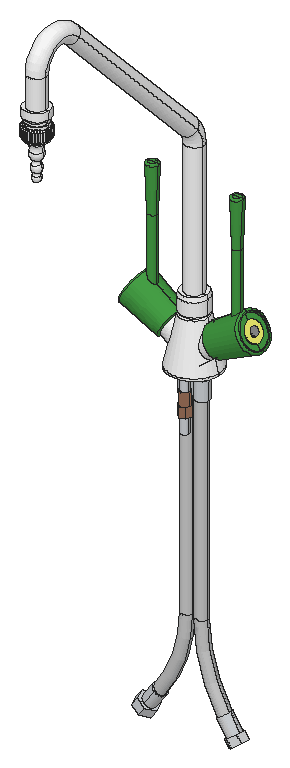
Revit family "900116MIX-WWA", category Plumbing Fixtures, Revit 2015
Parameters (values of type "900116MIX-WWA")
  Width = "150mm"
  URL = "www.sales@arboles.co.uk"
  Standout = "200mm"
  Spare Lever = "190002"
  Spare Hot Water Headwork = "950139"
  Spare Cold water Headwork = "950149"
  Shank = "2 x flexible hoses, 350mm long, 3/8\" BSP female connection"
  Pressure = "100PSI"
  Overall height = "325mm"
  Mounting hole size = "30mm"
  Model = "900116MIX-WWA"
  Material = "Brass with Rilsan plastic coated"
  Manufacturer = "Arboles UK Ltd Tel: 01204 388814, Email: sales@arboles.co.uk"
  Description = "Bench mounted, removable nozz balanced flow mixer tap, swivel swanneck"
  Depth = "226mm"
  Default Elevation = 1219.2 mm
  Colour = "White RAL 9016"
  Base to nozzle = "200mm"
  Base Dia = "50mm"
Reference planes
  plane 1 "Center (Front/Back)": y = 0
  plane 2: z = 0
  plane 3 "Center (Left/Right)": x = 0
Forms (mm)
  Extrusion 1, solid
    sketch origin (31.025, 0, -306) x (0, -1, 0) y (-0.840817, 0, -0.541319)
      loop
        circle (0, 0) r 6.974
    from 0 to 18
  Extrusion 2, solid
    sketch origin (40.769, 0, -321.135) x (0, -1, 0) y (-0.840817, 0, -0.541319)
      loop
        line (3.769, 8.465) -> (-5.446, 7.496) -> (-9.215, -0.969) -> (-3.769, -8.465) -> (5.446, -7.496) -> (9.215, 0.969) -> (3.769, 8.465)
    from 0 to 8
  Extrusion 3, void
    sketch origin (45.099, 0, -327.861) x (0, 1, 0) y (-0.840817, 0, -0.541319)
      loop
        circle (0, 0) r 7.032
    from 0 to 8
  Extrusion 4, solid
    sketch origin (-34.491, 0, -306) x (0, -1, 0) y (-0.795599, 0, 0.605823)
      loop
        circle (0, 0) r 7
    from 0 to 18
  Extrusion 5, solid
    sketch origin (-45.396, 0, -320.321) x (0, -1, 0) y (-0.795599, 0, 0.605823)
      loop
        line (-9.663, 3.709) -> (-8.044, -6.514) -> (1.619, -10.223) -> (9.663, -3.709) -> (8.044, 6.514) -> (-1.619, 10.223) -> (-9.663, 3.709)
    from 0 to 10
  Extrusion 6, void
    sketch origin (-51.455, 0, -328.277) x (0, 1, 0) y (-0.795599, 0, 0.605823)
      loop
        circle (0, 0) r 7.977
    from 0 to 8
Cuts and joins
  Extrusion 3 cuts Extrusion 2
  Extrusion 6 cuts Extrusion 5
Dimensions and locks
  aligned and locked: level to plane 2
Nested families
  nested 1: "116 BODY FRONT" at (0, 0, 0), type "116 BODY FRONT"
  nested 2: "116 SNK LEFT" at (0, 0, 69), type "116 SNK LEFT"
  nested 3: "116 TUBES" at (0, 0, -306), type "116 TUBES"
  nested 4: "116 ADAPTOR TOP" at (-7.611, 0, -26), type "116 ADAPTOR TOP"
  nested 5: "116 ADAPTOR TOP" at (8.107, 0, -26), type "116 ADAPTOR TOP"
  nested 6: "116 MOUNTING SHANK" at (0, -11.851, -55.074), type "116 MOUNTING SHANK"
  nested 7: "116 MONTING NUT" at (0, -11.851, -39.708), type "116 MONTING NUT"
  nested 8: "116 NOZZ ADPT" at (0, -200, 310.517), type "116 NOZZ ADPT"
  nested 9: "Rem nut front" at (0, -200, 294.965), type "Rem nut front"
  nested 10: "fixed nozzle front" at (0, -200, 255.693), type "fixed nozzle front"
  nested 11: "Lever front CW" at (22.554, 0.838, 1.275), type "Lever front CW"
  nested 12: "Lever front HW" at (-22.497, 0, 12.196), type "Lever front HW"
Definition of nested family "116 BODY FRONT"
  Reference planes
    plane 1 "Center (Front/Back)": y = 0
    plane 2: z = 0
    plane 3 "Center (Left/Right)": x = 0
  Forms (mm)
    Revolve 1, solid
      sketch origin (0, 0, 0) x (1, 0, 0) y (0, 0, 1)
        loop
          line (0, 0) -> (25, 0) -> (25, 1.954) -> (13.896, 48.345) -> (13.077, 50.102) -> (13.077, 51.767) -> (14, 51.767) -> (14, 65.096) -> (13.066, 69) -> (0, 69) -> (0, 0)
        axis (0, 69) -> (0, 0)
      angle from 0 to 360
    Revolve 2, solid
      sketch origin (0, 0, 0) x (1, 0, 0) y (0, 0, 1)
        loop
          line (0.019, 13.021) -> (30.642, 38.717) -> (21.969, 49.053) -> (-7.757, 22.288) -> (0.019, 13.021)
        axis (0.019, 13.021) -> (30.642, 38.717)
      angle from 0 to 360
    Revolve 3, solid
      sketch origin (12.845, 0, 15.264) x (-0.173648, 0, 0.984808) y (-0.984808, 0, -0.173648)
        loop
          line (0.019, 13.021) -> (30.642, 38.717) -> (21.969, 49.053) -> (-7.757, 22.288) -> (0.019, 13.021)
        axis (0.019, 13.021) -> (30.642, 38.717)
      angle from 0 to 360
  Dimensions and locks
    aligned and locked: level to plane 2
Definition of nested family "116 SNK LEFT"
  Reference planes
    plane 1 "Center (Front/Back)": y = 0
    plane 2: z = 0
    plane 3 "Center (Left/Right)": x = 0
  Forms (mm)
    Sweep 1, solid
      path origin (0, 0, 0) x (0, 1, 0) y (0, 0, 1)
        loop
          line (0, 0) -> (0, 134.645)
          arc (0, 134.645) -> (-1.903, 144.212) -> (-7.322, 152.322) r 25
          line (-7.322, 152.322) -> (-157.322, 302.322)
          arc (-157.322, 302.322) -> (-184.567, 307.742) -> (-200, 284.645) r 25
          line (-200, 284.645) -> (-200, 255.017)
      profile origin (0, 0, 67.322) x (0, -1, 0) y (1, 0, 0)
        loop
          circle (0, 0) r 9
  Dimensions and locks
    aligned and locked: level to plane 2
Definition of nested family "116 TUBES"
  Reference planes
    plane 1 "Center (Front/Back)": y = 0
    plane 2: z = 0
    plane 3 "Center (Left/Right)": x = 0
  Forms (mm)
    Sweep 1, solid
      path origin (0, 0, 0) x (1, 0, 0) y (0, 0, 1)
        loop
          line (7.5, 280) -> (7.5, 80)
          arc (7.5, 80) -> (13.503, 38.306) -> (31.025, 0) r 147.787
      profile origin (7.5, 0, 180) x (0, -1, 0) y (1, 0, 0)
        loop
          circle (0, 0) r 6.005
    Sweep 2, solid
      path origin (0, 0, 0) x (1, 0, 0) y (0, 0, 1)
        loop
          line (-7.5, 280) -> (-7.5, 80)
          arc (-7.5, 80) -> (-14.43, 37.785) -> (-34.491, 0) r 132.052
      profile origin (-7.5, 0, 180) x (0, -1, 0) y (1, 0, 0)
        loop
          circle (0, 0) r 5.954
  Dimensions and locks
    aligned and locked: level to plane 2
Definition of nested family "116 ADAPTOR TOP"
  Reference planes
    plane 1 "Center (Front/Back)": y = 0
    plane 2: z = 0
    plane 3 "Center (Left/Right)": x = 0
  Forms (mm)
    Extrusion 1, solid
      sketch origin (0, 0, 0) x (1, 0, 0) y (0, 1, 0)
        loop
          circle (0, 0) r 6.959
      from 0 to 18
    Extrusion 2, solid
      sketch origin (0, 0, 18) x (1, 0, 0) y (0, 1, 0)
        loop
          line (4.379, -5.408) -> (6.873, 1.089) -> (2.494, 6.497) -> (-4.379, 5.408) -> (-6.873, -1.089) -> (-2.494, -6.497) -> (4.379, -5.408)
      from 0 to 8
  Dimensions and locks
    aligned and locked: level to plane 2
Definition of nested family "116 MOUNTING SHANK"
  Reference planes
    plane 1 "Center (Front/Back)": y = 0
    plane 2: z = 0
    plane 3 "Center (Left/Right)": x = 0
  Forms (mm)
    Extrusion 1, solid
      sketch origin (0, 0, 0) x (1, 0, 0) y (0, 1, 0)
        loop
          circle (0, 0) r 4
      from 0 to 55
  Dimensions and locks
    aligned and locked: level to plane 2
Definition of nested family "116 MONTING NUT"
  Reference planes
    plane 1 "Center (Front/Back)": y = 0
    plane 2: z = 0
    plane 3 "Center (Left/Right)": x = 0
  Forms (mm)
    Extrusion 1, solid
      sketch origin (0, 0, 0) x (1, 0, 0) y (0, 1, 0)
        loop
          line (4.243, -4.243) -> (5.796, 1.553) -> (1.553, 5.796) -> (-4.243, 4.243) -> (-5.796, -1.553) -> (-1.553, -5.796) -> (4.243, -4.243)
      from 0 to 10
    Revolve 2, solid
      sketch origin (0, 0, 0) x (1, 0, 0) y (0, 0, 1)
        loop
          line (0, 10) -> (5.019, 10) -> (5.019, 23) -> (0, 23) -> (0, 10)
        axis (0, 23) -> (0, 10)
      angle from 0 to 360
    Extrusion 3, void
      sketch origin (0, 0, 0) x (1, 0, 0) y (0, 1, 0)
        loop
          circle (0, 0) r 3.996
      from 0 to 30
  Cuts and joins
    Extrusion 3 cuts Extrusion 1
  Dimensions and locks
    aligned and locked: level to plane 2
Definition of nested family "116 NOZZ ADPT"
  Reference planes
    plane 1 "Center (Front/Back)": y = 0
    plane 2: z = 0
    plane 3 "Center (Left/Right)": x = 0
  Forms (mm)
    Revolve 1, solid
      sketch origin (0, 0, 0) x (1, 0, 0) y (0, 0, 1)
        loop
          line (0, 0) -> (9, 0) -> (9, 1) -> (10.5, 1) -> (10.5, 3.5) -> (12.5, 5.5) -> (12.5, 13.5) -> (0, 13.5) -> (0, 0)
        axis (0, 13.5) -> (0, 0)
      angle from 0 to 360
  Dimensions and locks
    aligned and locked: level to plane 2
Definition of nested family "Rem nut front"
  Reference planes
    plane 1 "Center (Front/Back)": y = 0
    plane 2: z = 0
    plane 3 "Center (Left/Right)": x = 0
  Forms (mm)
    Revolve 1, solid
      sketch origin (0, 0, 0) x (1, 0, 0) y (0, 0, 1)
        loop
          line (0, 0) -> (11.234, 0) -> (11.234, 1.181) -> (13.384, 3.331) -> (13.384, 11.376) -> (11.234, 13.525) -> (11.234, 15.552) -> (0, 15.552) -> (0, 0)
        axis (0, 15.552) -> (0, 0)
      angle from 0 to 360
    Extrusion 2, void
      sketch origin (0, 0, 0) x (1, 0, 0) y (0, 1, 0)
        loop
          line (0, 11.234) -> (1.394, 14.989) -> (0, 14.989) -> (-1.367, 14.989) -> (0, 11.234)
      from 0 to 15
    Extrusion 3, void
      sketch origin (0, 0, 0) x (0, -1, 0) y (1, 0, 0)
        loop
          line (0, 11.234) -> (1.394, 14.989) -> (0, 14.989) -> (-1.367, 14.989) -> (0, 11.234)
      from 0 to 15
    Extrusion 4, void
      sketch origin (0, 0, 0) x (0.984808, -0.173648, 0) y (0.173648, 0.984808, 0)
        loop
          line (0, 11.234) -> (1.394, 14.989) -> (0, 14.989) -> (-1.367, 14.989) -> (0, 11.234)
      from 0 to 15
    Extrusion 5, void
      sketch origin (0, 0, 0) x (0.939693, -0.34202, 0) y (0.34202, 0.939693, 0)
        loop
          line (0, 11.234) -> (1.394, 14.989) -> (0, 14.989) -> (-1.367, 14.989) -> (0, 11.234)
      from 0 to 15
    Extrusion 6, void
      sketch origin (0, 0, 0) x (0.866025, -0.5, 0) y (0.5, 0.866025, 0)
        loop
          line (0, 11.234) -> (1.394, 14.989) -> (0, 14.989) -> (-1.367, 14.989) -> (0, 11.234)
      from 0 to 15
    Extrusion 7, void
      sketch origin (0, 0, 0) x (0.766044, -0.642788, 0) y (0.642788, 0.766044, 0)
        loop
          line (0, 11.234) -> (1.394, 14.989) -> (0, 14.989) -> (-1.367, 14.989) -> (0, 11.234)
      from 0 to 15
    Extrusion 8, void
      sketch origin (0, 0, 0) x (0.642788, -0.766044, 0) y (0.766044, 0.642788, 0)
        loop
          line (0, 11.234) -> (1.394, 14.989) -> (0, 14.989) -> (-1.367, 14.989) -> (0, 11.234)
      from 0 to 15
    Extrusion 9, void
      sketch origin (0, 0, 0) x (0.5, -0.866025, 0) y (0.866025, 0.5, 0)
        loop
          line (0, 11.234) -> (1.394, 14.989) -> (0, 14.989) -> (-1.367, 14.989) -> (0, 11.234)
      from 0 to 15
    Extrusion 10, void
      sketch origin (0, 0, 0) x (0.34202, -0.939693, 0) y (0.939693, 0.34202, 0)
        loop
          line (0, 11.234) -> (1.394, 14.989) -> (0, 14.989) -> (-1.367, 14.989) -> (0, 11.234)
      from 0 to 15
    Extrusion 11, void
      sketch origin (0, 0, 0) x (0.173648, -0.984808, 0) y (0.984808, 0.173648, 0)
        loop
          line (0, 11.234) -> (1.394, 14.989) -> (0, 14.989) -> (-1.367, 14.989) -> (0, 11.234)
      from 0 to 15
    Extrusion 12, void
      sketch origin (0, 0, 0) x (-1, 0, 0) y (0, -1, 0)
        loop
          line (0, 11.234) -> (1.394, 14.989) -> (0, 14.989) -> (-1.367, 14.989) -> (0, 11.234)
      from 0 to 15
    Extrusion 13, void
      sketch origin (0, 0, 0) x (-0.173648, -0.984808, 0) y (0.984808, -0.173648, 0)
        loop
          line (0, 11.234) -> (1.394, 14.989) -> (0, 14.989) -> (-1.367, 14.989) -> (0, 11.234)
      from 0 to 15
    Extrusion 14, void
      sketch origin (0, 0, 0) x (-0.34202, -0.939693, 0) y (0.939693, -0.34202, 0)
        loop
          line (0, 11.234) -> (1.394, 14.989) -> (0, 14.989) -> (-1.367, 14.989) -> (0, 11.234)
      from 0 to 15
    Extrusion 15, void
      sketch origin (0, 0, 0) x (-0.5, -0.866025, 0) y (0.866025, -0.5, 0)
        loop
          line (0, 11.234) -> (1.394, 14.989) -> (0, 14.989) -> (-1.367, 14.989) -> (0, 11.234)
      from 0 to 15
    Extrusion 16, void
      sketch origin (0, 0, 0) x (-0.642788, -0.766044, 0) y (0.766044, -0.642788, 0)
        loop
          line (0, 11.234) -> (1.394, 14.989) -> (0, 14.989) -> (-1.367, 14.989) -> (0, 11.234)
      from 0 to 15
    Extrusion 17, void
      sketch origin (0, 0, 0) x (-0.766044, -0.642788, 0) y (0.642788, -0.766044, 0)
        loop
          line (0, 11.234) -> (1.394, 14.989) -> (0, 14.989) -> (-1.367, 14.989) -> (0, 11.234)
      from 0 to 15
    Extrusion 18, void
      sketch origin (0, 0, 0) x (-0.866025, -0.5, 0) y (0.5, -0.866025, 0)
        loop
          line (0, 11.234) -> (1.394, 14.989) -> (0, 14.989) -> (-1.367, 14.989) -> (0, 11.234)
      from 0 to 15
    Extrusion 19, void
      sketch origin (0, 0, 0) x (-0.939693, -0.34202, 0) y (0.34202, -0.939693, 0)
        loop
          line (0, 11.234) -> (1.394, 14.989) -> (0, 14.989) -> (-1.367, 14.989) -> (0, 11.234)
      from 0 to 15
    Extrusion 20, void
      sketch origin (0, 0, 0) x (-0.984808, -0.173648, 0) y (0.173648, -0.984808, 0)
        loop
          line (0, 11.234) -> (1.394, 14.989) -> (0, 14.989) -> (-1.367, 14.989) -> (0, 11.234)
      from 0 to 15
    Extrusion 21, void
      sketch origin (0, 0, 0) x (0, 1, 0) y (-1, 0, 0)
        loop
          line (0, 11.234) -> (1.394, 14.989) -> (0, 14.989) -> (-1.367, 14.989) -> (0, 11.234)
      from 0 to 15
    Extrusion 22, void
      sketch origin (0, 0, 0) x (-0.984808, 0.173648, 0) y (-0.173648, -0.984808, 0)
        loop
          line (0, 11.234) -> (1.394, 14.989) -> (0, 14.989) -> (-1.367, 14.989) -> (0, 11.234)
      from 0 to 15
    Extrusion 23, void
      sketch origin (0, 0, 0) x (-0.939693, 0.34202, 0) y (-0.34202, -0.939693, 0)
        loop
          line (0, 11.234) -> (1.394, 14.989) -> (0, 14.989) -> (-1.367, 14.989) -> (0, 11.234)
      from 0 to 15
    Extrusion 24, void
      sketch origin (0, 0, 0) x (-0.866025, 0.5, 0) y (-0.5, -0.866025, 0)
        loop
          line (0, 11.234) -> (1.394, 14.989) -> (0, 14.989) -> (-1.367, 14.989) -> (0, 11.234)
      from 0 to 15
    Extrusion 25, void
      sketch origin (0, 0, 0) x (-0.766044, 0.642788, 0) y (-0.642788, -0.766044, 0)
        loop
          line (0, 11.234) -> (1.394, 14.989) -> (0, 14.989) -> (-1.367, 14.989) -> (0, 11.234)
      from 0 to 15
    Extrusion 26, void
      sketch origin (0, 0, 0) x (-0.642788, 0.766044, 0) y (-0.766044, -0.642788, 0)
        loop
          line (0, 11.234) -> (1.394, 14.989) -> (0, 14.989) -> (-1.367, 14.989) -> (0, 11.234)
      from 0 to 15
    Extrusion 27, void
      sketch origin (0, 0, 0) x (-0.5, 0.866025, 0) y (-0.866025, -0.5, 0)
        loop
          line (0, 11.234) -> (1.394, 14.989) -> (0, 14.989) -> (-1.367, 14.989) -> (0, 11.234)
      from 0 to 15
    Extrusion 28, void
      sketch origin (0, 0, 0) x (-0.34202, 0.939693, 0) y (-0.939693, -0.34202, 0)
        loop
          line (0, 11.234) -> (1.394, 14.989) -> (0, 14.989) -> (-1.367, 14.989) -> (0, 11.234)
      from 0 to 15
    Extrusion 29, void
      sketch origin (0, 0, 0) x (-0.173648, 0.984808, 0) y (-0.984808, -0.173648, 0)
        loop
          line (0, 11.234) -> (1.394, 14.989) -> (0, 14.989) -> (-1.367, 14.989) -> (0, 11.234)
      from 0 to 15
    Extrusion 30, void
      sketch origin (0, 0, 0) x (1, 0, 0) y (0, 1, 0)
        loop
          line (0, 11.234) -> (1.394, 14.989) -> (0, 14.989) -> (-1.367, 14.989) -> (0, 11.234)
      from 0 to 15
    Extrusion 31, void
      sketch origin (0, 0, 0) x (0.173648, 0.984808, 0) y (-0.984808, 0.173648, 0)
        loop
          line (0, 11.234) -> (1.394, 14.989) -> (0, 14.989) -> (-1.367, 14.989) -> (0, 11.234)
      from 0 to 15
    Extrusion 32, void
      sketch origin (0, 0, 0) x (0.34202, 0.939693, 0) y (-0.939693, 0.34202, 0)
        loop
          line (0, 11.234) -> (1.394, 14.989) -> (0, 14.989) -> (-1.367, 14.989) -> (0, 11.234)
      from 0 to 15
    Extrusion 33, void
      sketch origin (0, 0, 0) x (0.5, 0.866025, 0) y (-0.866025, 0.5, 0)
        loop
          line (0, 11.234) -> (1.394, 14.989) -> (0, 14.989) -> (-1.367, 14.989) -> (0, 11.234)
      from 0 to 15
    Extrusion 34, void
      sketch origin (0, 0, 0) x (0.642788, 0.766044, 0) y (-0.766044, 0.642788, 0)
        loop
          line (0, 11.234) -> (1.394, 14.989) -> (0, 14.989) -> (-1.367, 14.989) -> (0, 11.234)
      from 0 to 15
    Extrusion 35, void
      sketch origin (0, 0, 0) x (0.766044, 0.642788, 0) y (-0.642788, 0.766044, 0)
        loop
          line (0, 11.234) -> (1.394, 14.989) -> (0, 14.989) -> (-1.367, 14.989) -> (0, 11.234)
      from 0 to 15
    Extrusion 36, void
      sketch origin (0, 0, 0) x (0.866025, 0.5, 0) y (-0.5, 0.866025, 0)
        loop
          line (0, 11.234) -> (1.394, 14.989) -> (0, 14.989) -> (-1.367, 14.989) -> (0, 11.234)
      from 0 to 15
    Extrusion 37, void
      sketch origin (0, 0, 0) x (0.939693, 0.34202, 0) y (-0.34202, 0.939693, 0)
        loop
          line (0, 11.234) -> (1.394, 14.989) -> (0, 14.989) -> (-1.367, 14.989) -> (0, 11.234)
      from 0 to 15
    Extrusion 38, void
      sketch origin (0, 0, 0) x (0.984808, 0.173648, 0) y (-0.173648, 0.984808, 0)
        loop
          line (0, 11.234) -> (1.394, 14.989) -> (0, 14.989) -> (-1.367, 14.989) -> (0, 11.234)
      from 0 to 15
  Cuts and joins
    Extrusion 2, Extrusion 3, Extrusion 4, Extrusion 5, Extrusion 6, Extrusion 7, Extrusion 8, Extrusion 9, Extrusion 10, Extrusion 11, Extrusion 12, Extrusion 13, Extrusion 14, Extrusion 15, Extrusion 16, Extrusion 17, Extrusion 18, Extrusion 19, Extrusion 20, Extrusion 21, Extrusion 22, Extrusion 23, Extrusion 24, Extrusion 25, Extrusion 26, Extrusion 27, Extrusion 28, Extrusion 29, Extrusion 30, Extrusion 31, Extrusion 32, Extrusion 33, Extrusion 34, Extrusion 35, Extrusion 36, Extrusion 37, Extrusion 38 cuts Revolve 1
  Dimensions and locks
    aligned and locked: level to plane 2
Definition of nested family "fixed nozzle front"
  Reference planes
    plane 1 "Center (Front/Back)": y = 0
    plane 2: z = 0
    plane 3 "Center (Left/Right)": x = 0
  Forms (mm)
    Revolve 1, solid
      sketch origin (0, 0, 0) x (1, 0, 0) y (0, 0, 1)
        loop
          arc (4.525, 21.334) -> (6.372, 24.716) -> (5.979, 28.55) r 6.5
          arc (5.979, 28.55) -> (5.825, 32.462) -> (7.5, 36) r 8.212
          line (7.5, 36) -> (7.5, 39.271) -> (0, 39.271) -> (0, 0) -> (1.514, 0)
          arc (1.514, 0) -> (3.732, 2.609) -> (3.472, 6.023) r 4.5
          arc (3.472, 6.023) -> (3.121, 7.886) -> (3.815, 9.651) r 3.427
          arc (3.815, 9.651) -> (4.95, 12.846) -> (3.995, 16.1) r 5.5
          arc (3.995, 16.1) -> (3.305, 18.814) -> (4.525, 21.334) r 4.084
        axis (0, 39.271) -> (0, 0)
      angle from 0 to 360
  Dimensions and locks
    aligned and locked: level to plane 2
Definition of nested family "Lever front CW"
  Reference planes
    plane 1 "Center (Front/Back)": y = 0
    plane 2: z = 0
    plane 3 "Center (Left/Right)": x = 0
  Forms (mm)
    Revolve 1, solid
      sketch origin (20.151, 0, 12.287) x (1, 0, 0) y (0, 0, 1)
        loop
          line (0, 45.157) -> (4.36, 45.157) -> (4.36, 108.735) -> (5.938, 153.927)
          arc (5.938, 153.927) -> (5.5, 155.068) -> (4.376, 155.545) r 1.563
          line (4.376, 155.545) -> (0, 155.545) -> (0, 45.157)
        axis (0, 45.157) -> (0, 155.545)
      angle from 0 to 360
    Revolve 2, solid
      sketch origin (0, 0, 0) x (1, 0, 0) y (0, 0, 1)
        loop
          line (0, 30) -> (7.759, 16.002) -> (45.182, 33.453)
          arc (45.182, 33.453) -> (46.136, 34.531) -> (45.998, 35.964) r 1.806
          line (45.998, 35.964) -> (45.562, 36.751) -> (44, 35.886) -> (36.154, 50.041) -> (0, 30)
        axis (0, 30) -> (37.716, 50.906)
      angle from 0 to 360
    Extrusion 3, solid
      sketch origin (36.154, 0, 50.041) x (0.48481, 0, -0.87462) y (0, 1, 0)
        loop
          circle (0, 0) r 10
      from 0 to 1
    Extrusion 4, solid
      sketch origin (36.154, 0, 50.041) x (0.48481, 0, -0.87462) y (0, 1, 0)
        loop
          circle (0, 0) r 4.244
      from 0 to 2
  Dimensions and locks
    aligned and locked: level to plane 2
Definition of nested family "Lever front HW"
  Reference planes
    plane 1 "Center (Front/Back)": y = 0
    plane 2: z = 0
    plane 3 "Center (Left/Right)": x = 0
  Forms (mm)
    Revolve 1, solid
      sketch origin (-20.043, 0, 3.471) x (1, 0, 0) y (0, 0, 1)
        loop
          line (0, 45.157) -> (4.36, 45.157) -> (4.36, 108.735) -> (5.938, 153.927)
          arc (5.938, 153.927) -> (5.5, 155.068) -> (4.376, 155.545) r 1.563
          line (4.376, 155.545) -> (0, 155.545) -> (0, 45.157)
        axis (0, 45.157) -> (0, 155.545)
      angle from 0 to 360
    Revolve 2, solid
      sketch origin (0, 0, 0) x (1, 0, 0) y (0, 0, 1)
        loop
          line (0, 20) -> (7.991, 33.841) -> (-26.236, 57.078)
          arc (-26.236, 57.078) -> (-27.526, 57.32) -> (-28.582, 56.54) r 1.643
          line (-28.582, 56.54) -> (-29.042, 55.743) -> (-27.383, 54.786) -> (-35.6, 40.554) -> (0, 20)
        axis (-37.259, 41.511) -> (0, 20)
      angle from 0 to 360
    Extrusion 3, solid
      sketch origin (-35.6, 0, 40.554) x (0.5, 0, 0.866025) y (0, 1, 0)
        loop
          circle (0.226, 0) r 10
      from 0 to 1
    Extrusion 4, solid
      sketch origin (-35.6, 0, 40.554) x (0.5, 0, 0.866025) y (0, 1, 0)
        loop
          circle (0.226, 0) r 5
      from 0 to 2
  Dimensions and locks
    aligned and locked: level to plane 2
